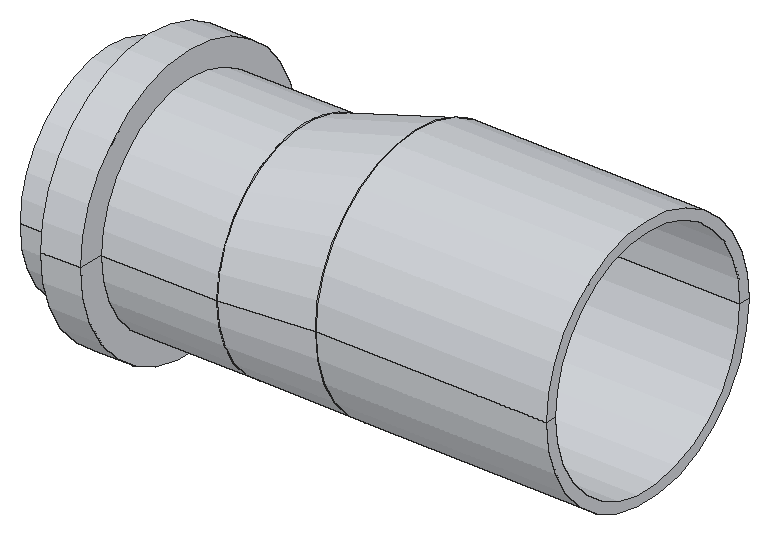
Revit family "Reductie excentrica", category Pipe Fittings, Revit 2019
Family settings
  Round Connector Dimension = Use Diameter
  Part Type = Union
  OmniClass Number = 23.60.30.11.14
  OmniClass Title = Pipework Fittings
  Work Plane-Based = No
  Always vertical = No
  Cut with Voids When Loaded = No
  Shared = No
Parameters
  URL = "https://www.teraplast.ro/"
  Revizie [instance] = 1
  Material [instance] = PP (Polipropilena)
  Manufacturer = "Teraplast"
  LookupTable [instance] = "Reductie-excentrica-PP"
  Lm [instance] = size_lookup(LookupTable, "Lm", 0.00 mm, D1, D)  # 39.00 mm
  L1 [instance] = size_lookup(LookupTable, "L1", 0.00 mm, D1, D)  # 46.00 mm
  L [instance] = size_lookup(LookupTable, "L", 0.00 mm, D1, D)  # 103.00 mm
  Garnitura [instance] = 1
  Description = "Sistem de tevi si fitinguri din PP pentru canalizari interioare."
  D1 [instance] = 50.00 mm
  D [instance] = 40.00 mm
  Cod Articol Teraplast [instance] = size_lookup(LookupTable, "", "n/a", D1, D)  # "FPPRD050040XXIGR"
Reference planes
  plane 1 "Center (Front/Back)": y = 0
  plane 2: z = 0
  plane 3 "Center (Left/Right)": x = 0
  plane 4: x = -39
  plane 5: x = 64
  plane 6 "2": x = 18
  plane 7: y = -20
  plane 8: y = 20
  plane 9: y = 5
  plane 10: y = 30
Forms (mm)
  Revolve 1, solid
    sketch origin (0, 0, 0) x (1, 0, 0) y (0, 1, 0)
      loop
        line (-39, -20) -> (-39, -22) -> (-31, -22) -> (-31, -27) -> (-23, -27) -> (-23, -22) -> (0, -22) -> (0, -20) -> (-39, -20)
      axis (0, 0) -> (-39, 0)
    angle from 0 to 360
  Revolve 2, solid
    sketch origin (0, 0, 0) x (1, 0, 0) y (0, 1, 0)
      loop
        line (18, -20) -> (64, -20) -> (64, -18) -> (18, -18) -> (18, -20)
      axis (64, 5) -> (18, 5)
    angle from 0 to 360
  Blend 3, solid
    base sketch origin (0, 0, 0) x (0, -1, 0) y (0, 0, -1)
      loop
        circle (0, 0) r 22
    top sketch origin (18, 5, 0) x (0, 0, -1) y (0, -1, 0)
      loop
        circle (0, 0) r 25
    from 0 to 0
  Blend 4, void
    base sketch origin (0, 0, 0) x (0, 1, 0) y (0, 0, -1)
      loop
        circle (0, 0) r 20
    top sketch origin (18, 5, 0) x (0, 0, -1) y (0, -1, 0)
      loop
        circle (0, 0) r 23
    from 0 to 0
Cuts and joins
  Blend 4 cuts Revolve 1
  Blend 4 cuts Blend 3
Dimensions and locks
  "Lm": plane 4 to plane 3 "Center (Left/Right)"
  "L": plane 4 to plane 5
  "L1": plane 6 "2" to plane 5
  equal spacing: plane 7, plane 1 "Center (Front/Back)", plane 8
  "D": plane 7 to plane 8
  equal spacing: plane 7, plane 9, plane 10
  "D1": plane 7 to plane 10
  Revolve 1 sketch curve to Revolve 1 sketch curve = 8.00 mm  (x2)
  Revolve 2 sketch curve to Revolve 2 sketch curve = 2.00 mm
  Revolve 1 sketch curve to Revolve 1 sketch curve = 2.00 mm
  Revolve 1 sketch curve to Revolve 1 sketch curve = 5.00 mm
  aligned and locked: level to plane 2
  aligned and locked: Revolve 1 sketch curve to plane 4
  aligned and locked: plane 3 "Center (Left/Right)" to Revolve 1 sketch curve
  aligned and locked: Revolve 1 sketch curve to plane 1 "Center (Front/Back)"
  aligned and locked: plane 6 "2" to Revolve 2 sketch curve
  aligned and locked: Revolve 2 sketch curve to plane 5
  aligned and locked: Revolve 2 sketch curve to plane 9
  aligned and locked: Blend 3 sketch curve to Revolve 1  (x2)
  aligned and locked: Blend 3 sketch curve to Revolve 2  (x2)
  aligned and locked: plane 7 to Revolve 1 sketch curve
  aligned and locked: Revolve 1 sketch curve to Revolve 1 sketch curve
  aligned and locked: Revolve 2 sketch curve to plane 7
Automatic sketch dimensions
  Revolve 1 sketch curve to plane 4 = 1958.00 mm
  plane 5 to Revolve 1 sketch curve = 1946.00 mm
  Revolve 2 sketch curve to plane 4 = 1958.00 mm
  plane 5 to Revolve 2 sketch curve = 1946.00 mm
  radius of Blend 4 sketch curve to Revolve 1 = 0.00 mm
  radius of Blend 4 sketch curve to Revolve 2 = 0.00 mm
Connectors
  piping at (0, 0, 0), diameter 40, driven by "D"
    settings: on Revolve 1, index 1, connector inside diameter 609.6 mm, connector length 0.00 mm, flow factor 0, pipe flow 0.0 L/s, pressure drop 0.0 Pa, fitting loss kfactor 0, connector angle 0.00°, fixture units 0, engagement length 0.00 mm, angle of deflection 0.00°, flow configuration 0, flow direction 0, fitting loss method 0, system type 16, joint type 0, gender type 0, connector reference index 2, connector utility 0, adjustable connector yes, is connector primary yes, connector description ""
  piping at (64, 5, 0), diameter 50, driven by "D1"
    settings: on Revolve 2, index 2, connector inside diameter 609.6 mm, connector length 0.00 mm, flow factor 0, pipe flow 0.0 L/s, pressure drop 0.0 Pa, fitting loss kfactor 0, connector angle 0.00°, fixture units 0, engagement length 0.00 mm, angle of deflection 0.00°, flow configuration 0, flow direction 0, fitting loss method 0, system type 16, joint type 0, gender type 0, connector reference index 1, connector utility 0, adjustable connector yes, is connector primary no, connector description ""
